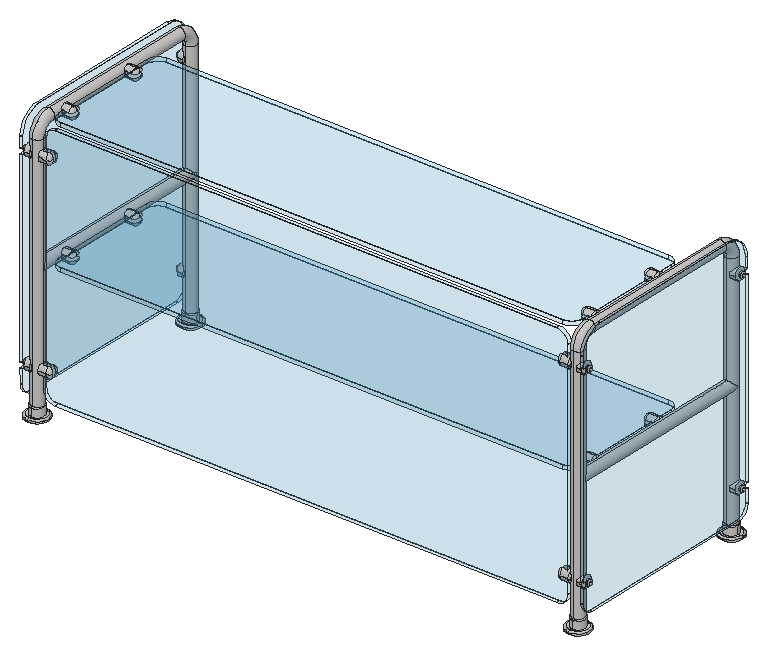
Revit family "QF_ENGLISH_M-101A-2TIER", category Casework, Revit 2018
Family settings
  Work Plane-Based = No
  Always vertical = Yes
  Cut with Voids When Loaded = No
  Shared = No
  Room Calculation Point = No
Parameters
  Weight in Pounds = 0
  URL Cutsheet = ""
  Type Mark [instance] = ""
  Status [instance] = ""
  Specification by User [instance] = ""
  Specification by Manufacturer = ""
  Show Right Glass [instance] = yes
  Show Right Half Support [instance] = no
  Show Left Half Support [instance] = no
  Show Left Glass [instance] = yes
  Serial Number = ""
  Seismic Rating = ""
  SMACNA No = ""
  Right Glass Symbolic [instance] = if(Show Right Glass, not(Show Right Half Support), Show Right Glass)  # yes
  Right Glass [instance] = if(Show Right Glass, not(Show Right Half Support), Show Right Glass)  # yes
  Revision Code [instance] = ""
  R Symbolic [instance] = and(not(Show Right Glass), not(Show Right Half Support))  # no
  Omniclass Number and Title = ""
  NAFEM Spec ID Number = ""
  Model = "M-101A-2TIER"
  Masterspec = ""
  Manufacturer = "ENGLISH MFG. INC."
  RS Symbolic [instance] = not(Show Right Half Support)  # yes
  Length [instance] = 48"
  Left Glass [instance] = if(Show Left Glass, not(Show Left Half Support), Show Left Glass)  # yes
  LS Symbolic [instance] = not(Show Left Half Support)  # yes
  L Symbolic [instance] = and(not(Show Left Glass), not(Show Left Half Support))  # no
  Item Number [instance] = ""
  Installed By [instance] = ""
  Identify Quantity as Lot [instance] = yes
  Glass Thickness [instance] = 3/8"  # constant formula
  Glass Material [instance] = Glass
  Furnished By [instance] = ""
  Foodservice Equipment Identifier [instance] = yes
  Description = "MATRIX SERIES"
  Depth [instance] = 17"
  CSI MasterFormat = ""
  CSI Master Format = ""
  Assembly Code = ""
  Angle [instance] = 0.00°
  A [instance] = if(Angle > 90.00°, 0.00°, Angle)  # 0.00°
Reference planes (in)
  plane 1 "BACK": y = 0
  plane 2: z = 0
  plane 3 "LEFT": x = 0
  plane 4 "RIGHT": x = 48
  plane 5 "FRONT": y = -17
  plane 6 "TOP": z = 24
  plane 7 "Center Y": x = 24
  plane 8 "Center X": y = -8.5
  plane 9: y = -15.51794
Forms (in)
  Extrusion 1, solid, material "Glass" <- "Glass Material"
    sketch origin (51.95778, -16.8125, 14.02579) x (0, 0, -1) y (1, 0, 0)
      loop
        arc (-9.34916, -50.22275) -> (-9.05629, -50.92978) -> (-8.34926, -51.22265) r 0.9999
        line (-8.34926, -51.22265) -> (11.52579, -51.22265)
        arc (11.52579, -51.22265) -> (12.23646, -50.9262) -> (12.52579, -50.21261) r 1.00005
        line (12.52579, -50.21261) -> (12.52579, -5.70219)
        arc (12.52579, -5.70219) -> (12.23646, -4.9886) -> (11.52579, -4.69215) r 1.00005
        line (11.52579, -4.69215) -> (-8.34926, -4.69215)
        arc (-8.34926, -4.69215) -> (-9.05629, -4.98502) -> (-9.34916, -5.69205) r 0.9999
        line (-9.34916, -5.69205) -> (-9.34916, -50.22275)
    from 0 to 0.375 <- "Glass Thickness"
  Extrusion 2, solid, material "Glass" <- "Glass Material"
    sketch origin (0.6276, -16.75, 23.32812) x (1, 0, 0) y (0, 1, 0)
      loop
        line (45.64685, 12) -> (1.09794, 12)
        arc (1.09794, 12) -> (0.39084, 11.70711) -> (0.09794, 11) r 1
        line (0.09794, 11) -> (0.09794, 1.24995)
        arc (0.09794, 1.24995) -> (0.39084, 0.54285) -> (1.09794, 0.24995) r 1
        line (1.09794, 0.24995) -> (45.64685, 0.24995)
        arc (45.64685, 0.24995) -> (46.35395, 0.54285) -> (46.64685, 1.24995) r 1
        line (46.64685, 1.24995) -> (46.64685, 11)
        arc (46.64685, 11) -> (46.35395, 11.70711) -> (45.64685, 12) r 1
    from 0 to 0.375 <- "Glass Thickness"
  Extrusion 3, solid, material "Glass"
    sketch origin (0.6276, -16.75, 23.70312) x (1, 0, 0) y (0, 1, 0)
      loop
        line (45.64685, 12) -> (1.09794, 12)
        arc (1.09794, 12) -> (0.39084, 11.70711) -> (0.09794, 11) r 1
        line (0.09794, 11) -> (0.09794, 1.24995)
        arc (0.09794, 1.24995) -> (0.39084, 0.54285) -> (1.09794, 0.24995) r 1
        line (1.09794, 0.24995) -> (45.64685, 0.24995)
        arc (45.64685, 0.24995) -> (46.35395, 0.54285) -> (46.64685, 1.24995) r 1
        line (46.64685, 1.24995) -> (46.64685, 11)
        arc (46.64685, 11) -> (46.35395, 11.70711) -> (45.64685, 12) r 1
    from -11.875 to -11.5
Lines and regions (in)
  symbolic lines, visible <- "Left Glass"
    curve 1: line (-0.24008, 0.5, 0) -> (-0.75, 0.5, 0)
    curve 2: line (-0.75, -0.5, 0) -> (-0.50001, -0.5, 0)
    curve 3: line (-0.75, 0.5, 0) -> (-0.75, -0.5, 0)
    curve 4: line (-0.24008, 0.43821, 0) -> (-0.24008, 0.5, 0)
    curve 6: line (-0.50001, -16.5, 0) -> (-0.75, -16.5, 0)
    curve 7: line (-0.2405, -17.5, 0) -> (-0.2405, -17.43898, 0)
    curve 8: line (-0.75, -17.5, 0) -> (-0.2405, -17.5, 0)
    curve 32: line (-0.75, -16.5, 0) -> (-0.75, -17.50798, 0)
  symbolic lines
    curve 5: arc (-0.50001, -16.13398, 0) -> (-0.71036, -17.70384, 0) -> (0.86137, -17.50798, 0) r 1
    curve 9: arc (-0.50001, -17.00059, 0) -> (0.00003, -17.50064, 0) -> (0.50008, -17.00059, 0) r 0.50004
    curve 10: line (0.5, -15.98694, 0) -> (0.5, -16.75804, 0)
    curve 11: line (-0.50001, -17.00059, 0) -> (-0.50001, -5, 0)
    curve 19: arc (48.50001, -16.13398, 0) -> (48.71036, -17.70384, 0) -> (47.13863, -17.50798, 0) r 1
    curve 23: arc (48.50001, -17.00059, 0) -> (47.99997, -17.50064, 0) -> (47.49992, -17.00059, 0) r 0.50004
    curve 24: line (47.5, -15.98694, 0) -> (47.5, -16.75804, 0)
    curve 25: line (48.50001, -17.00059, 0) -> (48.50001, -5, 0)
    curve 30: line (47.49992, -5, 0) -> (47.49992, -17.00059, 0)
    curve 33: line (0.50008, -5, 0) -> (0.50008, -17.00059, 0)
  symbolic lines, visible <- "LS Symbolic"
    curve 12: line (0.50008, -0.00041, 0) -> (0.50008, -5, 0)
    curve 13: arc (0.50008, -0.00041, 0) -> (0.00003, 0.49964, 0) -> (-0.50001, -0.00041, 0) r 0.50004
    curve 14: arc (0.50008, -0.86598, 0) -> (-0.00004, 1, 0) -> (-0.50001, -0.86602, 0) r 1
    curve 34: line (-0.50001, -5, 0) -> (-0.50001, -0.00041, 0)
  symbolic lines, visible <- "Right Glass"
    curve 15: line (48.24008, 0.5, 0) -> (48.75, 0.5, 0)
    curve 16: line (48.75, -0.5, 0) -> (48.50001, -0.5, 0)
    curve 17: line (48.75, 0.5, 0) -> (48.75, -0.5, 0)
    curve 18: line (48.24008, 0.43821, 0) -> (48.24008, 0.5, 0)
    curve 20: line (48.50001, -16.5, 0) -> (48.75, -16.5, 0)
    curve 21: line (48.2405, -17.5, 0) -> (48.2405, -17.43898, 0)
    curve 22: line (48.75, -17.5, 0) -> (48.2405, -17.5, 0)
    curve 31: line (48.75, -16.5, 0) -> (48.75, -17.50798, 0)
  symbolic lines, visible <- "RS Symbolic"
    curve 26: line (47.49992, -0.00041, 0) -> (47.49992, -5, 0)
    curve 27: arc (47.49992, -0.00041, 0) -> (47.99997, 0.49964, 0) -> (48.50001, -0.00041, 0) r 0.50004
    curve 28: arc (47.49992, -0.86598, 0) -> (48.00004, 1, 0) -> (48.50001, -0.86602, 0) r 1
    curve 29: line (48.50001, -5, 0) -> (48.50001, -0.00041, 0)
  symbolic lines, style "CaseworkHiddenLines"
    curve 35: line (46.27445, -4.75, 23.70312) -> (1.72555, -4.75, 23.70312)
    curve 36: line (0.72555, -5.75, 23.70312) -> (0.72555, -7, 23.70312)
    curve 37: arc (47.27445, -5.75, 23.70312) -> (46.98156, -5.04289, 23.70312) -> (46.27445, -4.75, 23.70312) r 1
    curve 38: line (47.27445, -15.50005, 23.70312) -> (47.27445, -14.95688, 23.70312)
    curve 39: arc (1.72555, -4.75, 23.70312) -> (1.01844, -5.04289, 23.70312) -> (0.72555, -5.75, 23.70312) r 1
    curve 40: arc (0.72555, -15.50005, 23.70312) -> (1.01844, -16.20715, 23.70312) -> (1.72555, -16.50005, 23.70312) r 1
    curve 41: line (1.72555, -16.50005, 23.70312) -> (46.27445, -16.50005, 23.70312)
    curve 42: arc (46.27445, -16.50005, 23.70312) -> (46.98156, -16.20715, 23.70312) -> (47.27445, -15.50005, 23.70312) r 1
    curve 43: line (47.27445, -14.04312, 23.70312) -> (47.27445, -7.97247, 23.70312)
    curve 44: line (47.27445, -7.04606, 23.70312) -> (47.27445, -5.75, 23.70312)
    curve 45: line (0.72555, -8.00005, 23.70312) -> (0.72555, -14.04312, 23.70312)
    curve 46: line (0.72555, -14.95688, 23.70312) -> (0.72555, -15.50005, 23.70312)
Dimensions and locks (in)
  equal spacing: plane 3 "LEFT", plane 7 "Center Y", plane 4 "RIGHT"
  "Length": plane 3 "LEFT" to plane 4 "RIGHT"
  equal spacing: plane 5 "FRONT", plane 8 "Center X", plane 1 "BACK"
  "Depth": plane 5 "FRONT" to plane 1 "BACK"
  plane 6 "TOP" to level = 24"  (x2)
  plane 3 "LEFT" to Extrusion 1 sketch curve to Extrusion 1 sketch curve to Extrusion 1 sketch curve = 0.73513", 0.9999" locked, 0.00015" locked
  plane 4 "RIGHT" to Extrusion 1 sketch curve to Extrusion 1 sketch curve to Extrusion 1 sketch curve = 47/64", 0.9999" locked, 0.00015" locked
  plane 7 "Center Y" to plane 3 "LEFT" = 24"
  locked: plane 5 "FRONT" to plane 9 at 1.48206
  Extrusion 2 sketch curve to Extrusion 2 sketch curve to plane 3 "LEFT" = 0" locked, 1.72555" locked
  Extrusion 2 sketch curve to Extrusion 2 sketch curve to plane 4 "RIGHT" = 0" locked, 1.72555" locked
  plane 5 "FRONT" to plane 1 "BACK" = 17"
  aligned and locked: level to plane 2
  aligned: plane 1 "BACK" to nested 1  (x5)
  aligned: plane 8 "Center X" to nested 1  (x2)
  aligned: plane 5 "FRONT" to nested 1  (x2)
  aligned and locked: plane 1 "BACK" to nested 1
  aligned and locked: nested 2 to plane 4 "RIGHT"
  aligned and locked: nested 2 to plane 1 "BACK"
  aligned and locked: plane 5 "FRONT" to nested 1
  aligned and locked: nested 2 to plane 5 "FRONT"
  aligned and locked: curve 35 to Extrusion 2
  aligned and locked: curve 38 to Extrusion 2
  aligned and locked: curve 41 to Extrusion 2
Automatic sketch dimensions
  curve 5 to plane 3 "LEFT" = 0"
  curve 19 to plane 4 "RIGHT" = 0"
  plane 1 "BACK" to curve 14 = 0"
  curve 14 to plane 3 "LEFT" = 0"
  curve 1 to plane 3 "LEFT" = 0.24008"
  curve 8 to plane 3 "LEFT" = 0.2405"
  curve 34 to plane 3 "LEFT" = 1/2"
  curve 6 to curve 6 = 1/4"
  curve 3 to curve 2 = 1/4"
  plane 3 "LEFT" to curve 13 = 0.00003"
  plane 5 "FRONT" to curve 30 = 0.00059"
  plane 4 "RIGHT" to curve 30 = 0.50008"
  plane 4 "RIGHT" to curve 23 = 0.00003"
  plane 1 "BACK" to curve 28 = 0"
  curve 28 to plane 4 "RIGHT" = 0"
  curve 15 to plane 4 "RIGHT" = 0.24008"
  curve 22 to plane 4 "RIGHT" = 0.2405"
  curve 16 to curve 17 = 1/4"
  curve 20 to curve 31 = 1/4"
  plane 5 "FRONT" to curve 8 = 1/2"
  curve 21 to curve 21 = 0.06102"
  plane 5 "FRONT" to curve 33 = 0.00059"
  plane 5 "FRONT" to curve 5 = 0"
  plane 5 "FRONT" to curve 19 = 0"
  curve 6 to plane 5 "FRONT" = 1/2"
  curve 31 to plane 5 "FRONT" = 1/2"
  plane 1 "BACK" to curve 2 = 1/2"
  plane 1 "BACK" to curve 17 = 1/2"
  plane 1 "BACK" to curve 29 = 0.00041"
  plane 1 "BACK" to curve 13 = 0.00041"
  curve 3 to plane 1 "BACK" = 1/2"
  curve 17 to plane 1 "BACK" = 1/2"
  plane 3 "LEFT" to curve 10 = 1/2"
  curve 9 to curve 5 = 0.36129"
  curve 19 to curve 23 = 0.36129"
  plane 4 "RIGHT" to curve 24 = 1/2"
  curve 31 to curve 22 = 0.00798"
  curve 32 to curve 8 = 0.00798"
  plane 5 "FRONT" to curve 19 = 0.50798"
  plane 5 "FRONT" to curve 5 = 0.50798"
  curve 24 to plane 5 "FRONT" = 0.24196"
  curve 10 to plane 5 "FRONT" = 0.24196"
  curve 24 to plane 9 = 0.469"
  curve 10 to plane 9 = 0.469"
  curve 28 to curve 16 = 0.36602"
  curve 14 to curve 2 = 0.36602"
  nested 1 to Extrusion 2 sketch curve = 0.09794"
  Extrusion 2 sketch curve to Extrusion 2 sketch curve = 1"
  Extrusion 2 sketch curve to nested 1 = 1.53051"
  Extrusion 2 sketch curve to nested 1 = 8.28047"
  Extrusion 3 sketch curve to Extrusion 2 = 1"  (x3)
  Extrusion 2 to Extrusion 3 sketch curve = 0"
  Extrusion 3 sketch curve to Extrusion 2 = 0"
  nested 1 to Extrusion 1 sketch curve = 18.91144"
  nested 1 to Extrusion 1 sketch curve = 1.03649"  (x2)
  Extrusion 1 sketch curve to Extrusion 1 sketch curve = 1"
  plane 8 "Center X" to curve 34 = 3 1/2"
  curve 11 to curve 33 = 0"
  plane 8 "Center X" to curve 29 = 3 1/2"
  curve 30 to curve 25 = 0"
  curve 46 to Extrusion 2 = 0"
  curve 39 to Extrusion 2 = 0"
  curve 45 to Extrusion 2 = 0"
  curve 43 to Extrusion 2 = 0"
  curve 44 to Extrusion 2 = 0"
  curve 36 to curve 39 = 1"
  curve 40 to Extrusion 2 = 1"
  curve 35 to Extrusion 2 = 1"
  curve 41 to Extrusion 2 = 1"
  curve 38 to curve 38 = 0.54316"
  curve 40 to curve 46 = 0.54316"
  curve 38 to curve 43 = 0.91376"
  curve 46 to curve 45 = 0.91376"
  curve 45 to curve 36 = 2.25004"
  curve 43 to curve 37 = 2.22247"
  curve 43 to curve 44 = 0.92641"
  curve 45 to curve 36 = 1.00004"
  radius of Extrusion 3 sketch curve to Extrusion 2 = 0"
Nested families (in)
  nested 1: "M-101A_SUPPORT" at (0, 0, 0), Show Side Glass <- "Left Glass", Rear Support <- "LS Symbolic", Middle Support <- "Show Left Half Support", type "M-101A_SUPPORT"
    with Void 3/8", Show Side Glass yes, Show Self Service no, Show Full Service yes, Rear Void 1", Rear Support yes, Middle Support no, Glass Thickness 3/8", Glass Material Glass, Depth 17"
  nested 2: "M-101A_SUPPORT" at (48, 0, 0) x (-1, 0, 0) z (0, 0, 1), Show Side Glass <- "Right Glass", Middle Support <- "Show Right Half Support", Rear Support <- "RS Symbolic", type "M-101A_SUPPORT"
    with Void 3/8", Show Side Glass yes, Show Self Service no, Show Full Service yes, Rear Void 1", Rear Support yes, Middle Support no, Glass Thickness 3/8", Glass Material Glass, Depth 17"
Definition of nested family "M-101A_SUPPORT"
  Parameters (values of type "M-101A_SUPPORT")
    Void [instance] = if(Show Self Service, -3/8", 3/8")  # 3/8"
    Show Self Service [instance] = no
    Show Side Glass [instance] = yes
    Show Full Service [instance] = not(Show Self Service)  # yes
    Rear Void [instance] = if(Middle Support, 4", 1")  # 1"
    Rear Support [instance] = yes
    Model = ""
    Middle Support [instance] = no
    Manufacturer = ""
    Glass Thickness [instance] = 3/8"
    Glass Material [instance] = none
    Description = ""
    Depth [instance] = 17"
    Assembly Code = ""
  Reference planes (in)
    plane 1 "BACK": y = 0
    plane 2: z = 0
    plane 3 "LEFT": x = 0
    plane 4 "RIGHT": x = 0
    plane 5 "FRONT": y = -17
    plane 6 "TOP": z = 24
    plane 7 "Center Y": x = 0
    plane 8 "Center X": y = -8.5
    plane 9: y = -14.5
    plane 10: y = -7.50294
    plane 11: y = 1
    plane 12: y = -5
    plane 13: x = -2
  Forms (in)
    Revolve 1, solid, visible <- "Rear Support"
      sketch origin (0, 0, 0) x (-1, 0, 0) y (0, 0, -1)
        loop
          line (0, 0) -> (-1, 0) -> (-1, -0.125)
          arc (-1, -0.125) -> (-0.96328, -0.21339) -> (-0.87489, -0.25) r 0.125
          line (-0.87489, -0.25) -> (-0.5975, -0.25) -> (-0.5975, -0.9375)
          arc (-0.5975, -0.9375) -> (-0.57913, -0.98169) -> (-0.53494, -1) r 0.0625
          line (-0.53494, -1) -> (0, -1) -> (0, 0)
        axis (0, -1) -> (0, 0)
      angle from 0 to 360
    Revolve 2, solid
      sketch origin (0, 0, 0) x (0, -1, 0) y (0, 0, -1)
        loop
          line (17, 0) -> (16, 0) -> (16, -0.125)
          arc (16, -0.125) -> (16.03672, -0.21339) -> (16.12511, -0.25) r 0.125
          line (16.12511, -0.25) -> (16.4025, -0.25) -> (16.4025, -0.9375)
          arc (16.4025, -0.9375) -> (16.42087, -0.98169) -> (16.46506, -1) r 0.0625
          line (16.46506, -1) -> (17, -1) -> (17, 0)
        axis (17, -1) -> (17, 0)
      angle from 0 to 360
    Extrusion 3, solid, material <- "Glass Material", visible <- "Show Side Glass"
      sketch origin (-0.75, 0, 0) x (0, 1, 0) y (0, 0, -1)
        loop
          arc (-16.625, -1.5) -> (-17.33211, -1.79289) -> (-17.625, -2.5) r 1
          line (-17.625, -2.5) -> (-17.625, -3.8125) -> (-17, -3.8125)
          arc (-17, -3.8125) -> (-16.8125, -4) -> (-17, -4.1875) r 0.1875
          line (-17, -4.1875) -> (-17.625, -4.1875) -> (-17.625, -20.8125) -> (-17, -20.8125)
          arc (-17, -20.8125) -> (-16.8125, -21) -> (-17, -21.1875) r 0.1875
          line (-17, -21.1875) -> (-17.625, -21.1875) -> (-17.625, -22.225)
          arc (-17.625, -22.225) -> (-17.0685, -23.5685) -> (-15.725, -24.125) r 1.9
          line (-15.725, -24.125) -> (-1.375, -24.125)
          arc (-1.375, -24.125) -> (0.03921, -23.53921) -> (0.625, -22.125) r 2
          line (0.625, -22.125) -> (0.625, -21.1875) -> (0, -21.1875)
          arc (0, -21.1875) -> (-0.1875, -21) -> (0, -20.8125) r 0.1875
          line (0, -20.8125) -> (0.625, -20.8125) -> (0.625, -4.1875) -> (0, -4.1875)
          arc (0, -4.1875) -> (-0.1875, -4) -> (0, -3.8125) r 0.1875
          line (0, -3.8125) -> (0.625, -3.8125) -> (0.625, -2.5)
          arc (0.625, -2.5) -> (0.33211, -1.79289) -> (-0.375, -1.5) r 1
          line (-0.375, -1.5) -> (-16.625, -1.5)
      from 0 to 0.25
    Sweep 4, solid
      path origin (0, 0, 0) x (0, 1, 0) y (0, 0, 1)
        loop
          line (0, 1) -> (0, 22.25)
          arc (0, 22.25) -> (-0.36612, 23.13388) -> (-1.25, 23.5) r 1.25
          line (-1.25, 23.5) -> (-15.75, 23.5)
          arc (-15.75, 23.5) -> (-16.63388, 23.13388) -> (-17, 22.25) r 1.25
          line (-17, 22.25) -> (-17, 1)
      profile origin (0, 0, 11.625) x (0, -1, 0) y (1, 0, 0)
        loop
          circle (0, 0) r 0.5
    Revolve 5, solid
      sketch origin (0, -7.50294, 22) x (0, 0, -1) y (1, 0, 0)
        loop
          line (-1.5, 0.3291) -> (-1.5, 1.47555) -> (-1.72819, 1.47555)
          arc (-1.72819, 1.47555) -> (-1.92039, 1.39594) -> (-2, 1.20374) r 0.27181
          line (-2, 1.20374) -> (-2, 0.47555) -> (-1.85355, 0.3291) -> (-1.5, 0.3291)
        axis (-1.5, 0.3291) -> (-1.5, 1.47555)
      angle from 0 to 360
    Revolve 6, solid
      sketch origin (0, -14.5, 21) x (0, 0, -1) y (1, 0, 0)
        loop
          line (-2.5, 0.3291) -> (-2.5, 1.47555) -> (-2.72818, 1.47555)
          arc (-2.72818, 1.47555) -> (-2.92039, 1.39594) -> (-3, 1.20374) r 0.27181
          line (-3, 1.20374) -> (-3, 0.47555) -> (-2.85355, 0.3291) -> (-2.5, 0.3291)
        axis (-2.5, 0.3291) -> (-2.5, 1.47555)
      angle from 0 to 360
    Extrusion 7, void
      sketch origin (0, -7.50294, 22) x (0, 0, -1) y (1, 0, 0)
        loop
          line (-1.70313, 0.6276) -> (-1.32813, 0.6276) -> (-1.32813, 1.70245) -> (-1.70313, 1.70245) -> (-1.70313, 0.6276)
      from -2.53419 to 9.49706
    Extrusion 8, void
      sketch origin (-2, -180, 22) x (0, 0, 1) y (0, -1, 0)
        loop
          line (2, -175) -> (-22, -175) -> (-22, -181) -> (2, -181) -> (2, -175)
      from 0 to 1 <- "Rear Void"
    Revolve 9, solid
      sketch origin (0, -7.50294, 10.5) x (0, 0, -1) y (1, 0, 0)
        loop
          line (-1.5, 0.3291) -> (-1.5, 1.47555) -> (-1.72819, 1.47555)
          arc (-1.72819, 1.47555) -> (-1.92039, 1.39594) -> (-2, 1.20374) r 0.27181
          line (-2, 1.20374) -> (-2, 0.47555) -> (-1.85355, 0.3291) -> (-1.5, 0.3291)
        axis (-1.5, 0.3291) -> (-1.5, 1.47555)
      angle from 0 to 360
    Revolve 10, solid
      sketch origin (0, -14.5, 9.5) x (0, 0, -1) y (1, 0, 0)
        loop
          line (-2.5, 0.3291) -> (-2.5, 1.47555) -> (-2.72818, 1.47555)
          arc (-2.72818, 1.47555) -> (-2.92039, 1.39594) -> (-3, 1.20374) r 0.27181
          line (-3, 1.20374) -> (-3, 0.47555) -> (-2.85355, 0.3291) -> (-2.5, 0.3291)
        axis (-2.5, 0.3291) -> (-2.5, 1.47555)
      angle from 0 to 360
    Extrusion 11, void
      sketch origin (0, -7.50294, 10.5) x (0, 0, -1) y (1, 0, 0)
        loop
          line (-1.70313, 0.6276) -> (-1.32813, 0.6276) -> (-1.32813, 1.70245) -> (-1.70313, 1.70245) -> (-1.70313, 0.6276)
      from -2.53419 to 9.49706
    Sweep 12, solid
      path origin (0, 0, -11.5) x (0, 1, 0) y (0, 0, 1)
        loop
          line (-17, 23.5) -> (0, 23.5)
      profile origin (0, -8.5, 12) x (0, 0, 1) y (1, 0, 0)
        loop
          circle (0, 0) r 0.5
  Cuts and joins
    Extrusion 7, Extrusion 11 cuts Revolve 5
    Extrusion 7, Extrusion 11 cuts Revolve 6
    Extrusion 8 cuts Sweep 4
    Extrusion 11 cuts Revolve 9
    Extrusion 11 cuts Revolve 10
  Dimensions and locks (in)
    plane 3 "LEFT" to plane 4 "RIGHT" to plane 7 "Center Y" = 0", 0"
    plane 3 "LEFT" to plane 4 "RIGHT" = 0"
    equal spacing: plane 5 "FRONT", plane 8 "Center X", plane 1 "BACK"
    "Depth": plane 5 "FRONT" to plane 1 "BACK"
    plane 6 "TOP" to level = 24"  (x2)
    locked: Sweep 4 sketch curve to plane 6 "TOP" at 0.5
    plane 5 "FRONT" to plane 9 to plane 10 to plane 12 = 2 1/2" locked, 6.99706" locked, 2.50294" locked
    locked: plane 6 "TOP" to Extrusion 7 sketch curve at 0.29688
    "Glass Thickness": Extrusion 7 sketch curve to Extrusion 7 sketch curve
    plane 1 "BACK" to plane 11 = 1"
    locked: plane 7 "Center Y" to plane 13 at 2
    "Glass Thickness": Extrusion 11 sketch curve to Extrusion 11 sketch curve
    aligned and locked: level to plane 2
    aligned and locked: Sweep 4 sketch curve to plane 5 "FRONT"
    aligned and locked: Sweep 4 sketch curve to plane 1 "BACK"
    aligned and locked: plane 5 "FRONT" to Extrusion 7
    aligned and locked: Extrusion 8 sketch curve to plane 12
    aligned and locked: Extrusion 8 sketch curve to plane 6 "TOP"
    aligned and locked: plane 11 to Extrusion 8 sketch curve
    aligned and locked: level to Extrusion 8 sketch curve
    aligned and locked: nested 3 to plane 5 "FRONT"
    aligned and locked: nested 1 to plane 5 "FRONT"
    aligned and locked: nested 2 to plane 5 "FRONT"
    aligned and locked: nested 6 to plane 1 "BACK"
    aligned and locked: nested 5 to plane 1 "BACK"
    aligned and locked: nested 4 to plane 5 "FRONT"
  Automatic sketch dimensions
    Revolve 1 sketch curve to level = 0"
    Revolve 1 sketch curve to plane 3 "LEFT" = 0"  (x2)
    plane 3 "LEFT" to Revolve 1 sketch curve = 0.53494"
    level to Revolve 1 sketch curve = 1/4"
    plane 3 "LEFT" to Revolve 1 sketch curve = 0.5975"
    Revolve 1 sketch curve to Revolve 1 sketch curve = 0.27739"
    Revolve 1 sketch curve to Revolve 1 sketch curve = 0.12511"
    Revolve 1 sketch curve to Revolve 1 sketch curve = 11/16"
    Revolve 1 sketch curve to Revolve 1 sketch curve = 1/16"
    level to Revolve 1 sketch curve = 1/8"
    Revolve 1 sketch curve to Revolve 1 sketch curve = 0"  (x3)
    Revolve 1 sketch curve to Revolve 1 sketch curve = 1/4"
    Revolve 2 sketch curve to level = 0"
    Revolve 2 sketch curve to plane 5 "FRONT" = 0"  (x2)
    Revolve 2 sketch curve to Revolve 2 sketch curve = 0.53494"
    level to Revolve 2 sketch curve = 1/4"
    Revolve 2 sketch curve to plane 5 "FRONT" = 0.5975"
    Revolve 2 sketch curve to Revolve 2 sketch curve = 0.27739"
    Revolve 2 sketch curve to Revolve 2 sketch curve = 0.12511"
    Revolve 2 sketch curve to Revolve 2 sketch curve = 11/16"
    Revolve 2 sketch curve to Revolve 2 sketch curve = 1/16"
    level to Revolve 2 sketch curve = 1/8"
    Revolve 2 sketch curve to Revolve 2 sketch curve = 0"  (x3)
    Revolve 2 sketch curve to Revolve 2 sketch curve = 1/4"
    plane 9 to Sweep 4 sketch curve = 1 1/4"
    Sweep 4 sketch curve to Sweep 4 sketch curve = 1 1/4"
    level to Sweep 4 sketch curve = 1"  (x2)
    Sweep 4 sketch curve to profile plane = 0"  (x2)
    Revolve 5 sketch curve to plane 6 "TOP" = 0"
    Revolve 5 sketch curve to plane 6 "TOP" = 0.14645"
    Revolve 5 sketch curve to plane 6 "TOP" = 0.27181"
    Revolve 5 sketch curve to Revolve 5 sketch curve = 0.35355"
    plane 3 "LEFT" to Revolve 5 sketch curve = 0.3291"
    Revolve 5 sketch curve to Revolve 5 sketch curve = 0.14645"
    Revolve 5 sketch curve to Revolve 5 sketch curve = 0.72819"
    Revolve 5 sketch curve to Revolve 5 sketch curve = 0"
    Revolve 5 sketch curve to Revolve 5 sketch curve = 0.31238"
    Revolve 5 sketch curve to Revolve 5 sketch curve = 0.2599"
    Revolve 6 sketch curve to plane 6 "TOP" = 0"
    Revolve 6 sketch curve to plane 6 "TOP" = 0.14645"
    Revolve 6 sketch curve to plane 6 "TOP" = 0.27181"
    Revolve 6 sketch curve to Revolve 6 sketch curve = 0.35355"
    plane 3 "LEFT" to Revolve 6 sketch curve = 0.3291"
    Revolve 6 sketch curve to Revolve 6 sketch curve = 0.14645"
    Revolve 6 sketch curve to Revolve 6 sketch curve = 0.72819"
    Revolve 6 sketch curve to Revolve 6 sketch curve = 0"
    Revolve 6 sketch curve to Revolve 6 sketch curve = 0.31238"
    Revolve 6 sketch curve to Revolve 6 sketch curve = 0.2599"
    plane 3 "LEFT" to Revolve 9 sketch curve = 0.47555"
    Revolve 9 sketch curve to plane 6 "TOP" = 11 1/2"
    Revolve 9 sketch curve to Revolve 9 sketch curve = 0.14645"  (x2)
    Revolve 9 sketch curve to Revolve 9 sketch curve = 0.27181"
    Revolve 9 sketch curve to Revolve 9 sketch curve = 0.35355"
    Revolve 9 sketch curve to Revolve 9 sketch curve = 0.72819"
    Revolve 9 sketch curve to Revolve 9 sketch curve = 0"
    Revolve 9 sketch curve to Revolve 9 sketch curve = 0.31238"
    Revolve 9 sketch curve to Revolve 9 sketch curve = 0.2599"
    plane 3 "LEFT" to Revolve 10 sketch curve = 0.47555"
    Revolve 10 sketch curve to plane 6 "TOP" = 11 1/2"
    Revolve 10 sketch curve to Revolve 10 sketch curve = 0.14645"  (x2)
    Revolve 10 sketch curve to Revolve 10 sketch curve = 0.27181"
    Revolve 10 sketch curve to Revolve 10 sketch curve = 0.35355"
    Revolve 10 sketch curve to Revolve 10 sketch curve = 0.72819"
    Revolve 10 sketch curve to Revolve 10 sketch curve = 0"
    Revolve 10 sketch curve to Revolve 10 sketch curve = 0.31238"
    Revolve 10 sketch curve to Revolve 10 sketch curve = 0.2599"
    Sweep 12 sketch curve to profile plane = 0"  (x2)
    level to Sweep 12 sketch curve = 12"
    Sweep 12 sketch curve to plane 5 "FRONT" = 0"
    Sweep 12 sketch curve to plane 1 "BACK" = 0"
    Extrusion 3 sketch curve to plane 5 "FRONT" = 0"  (x2)
    Extrusion 3 sketch curve to plane 1 "BACK" = 0"  (x2)
    plane 5 "FRONT" to Extrusion 3 sketch curve = 5/8"  (x2)
    Extrusion 3 sketch curve to Extrusion 3 sketch curve = 0"  (x2)
    Extrusion 3 sketch curve to plane 5 "FRONT" = 3/8"
    plane 9 to Extrusion 3 sketch curve = 1.225"
    plane 1 "BACK" to Extrusion 3 sketch curve = 1 3/8"
    plane 1 "BACK" to Extrusion 3 sketch curve = 3/8"
    plane 11 to Extrusion 3 sketch curve = 3/8"  (x2)
    plane 6 "TOP" to Extrusion 3 sketch curve = 1/8"
    Extrusion 3 sketch curve to Extrusion 3 sketch curve = 15/16"
    Extrusion 3 sketch curve to Extrusion 3 sketch curve = 1.0375"
    Extrusion 3 sketch curve to Extrusion 3 sketch curve = 3/16"  (x4)
    level to Extrusion 3 sketch curve = 4 3/16"  (x2)
    Extrusion 3 sketch curve to Extrusion 3 sketch curve = 1 5/16"
    plane 3 "LEFT" to Extrusion 7 sketch curve = 0.6276"
    Extrusion 7 sketch curve to Extrusion 7 sketch curve = 1.07485"
    plane 3 "LEFT" to Extrusion 11 sketch curve = 1.70245"
    Extrusion 11 sketch curve to plane 6 "TOP" = 11 51/64"
    plane 3 "LEFT" to Extrusion 11 sketch curve = 0.6276"
    radius of Sweep 4 sketch curve = 1/2"
    radius of Sweep 12 sketch curve = 1/2"
  Nested families (in)
    nested 1: "M-106" at (0.36327, -16.5, 4), type "M-106"
      with Type Mark "", Status "", Specification by User "", Revision Code "", Item Number "", Installed By "", Identify Quantity as Lot yes, H 13 1/4", Glass Thickness 3/8", Furnished By "", Foodservice Equipment Identifier yes, Angle 0.00°
    nested 2: "M-106" at (0.37504, -16.5, 21), type "M-106"
      with Type Mark "", Status "", Specification by User "", Revision Code "", Item Number "", Installed By "", Identify Quantity as Lot yes, H 13 1/4", Glass Thickness 3/8", Furnished By "", Foodservice Equipment Identifier yes, Angle 0.00°
    nested 3: "Glass Clip" at (0, -17, 4) x (-1, 0, 0) z (0, 0, 1), visible <- "Show Side Glass", type "Glass Clip"
    nested 4: "Glass Clip" at (0, -17, 21) x (-1, 0, 0) z (0, 0, 1), visible <- "Show Side Glass", type "Glass Clip"
    nested 5: "Glass Clip" at (0, 0, 4) x (-1, 0, 0) z (0, 0, 1), type "Glass Clip"
    nested 6: "Glass Clip" at (0, 0, 21) x (-1, 0, 0) z (0, 0, 1), visible <- "Show Side Glass", type "Glass Clip"
  Definition of nested family "M-106"
    Parameters (values of type "M-106")
      Weight in Pounds = 0
      URL Cutsheet = ""
      Type Mark [instance] = ""
      Status [instance] = ""
      Specification by User [instance] = ""
      Specification by Manufacturer = ""
      Serial Number = ""
      Seismic Rating = ""
      SMACNA No = ""
      Revision Code [instance] = ""
      Omniclass Number and Title = ""
      NAFEM Spec ID Number = ""
      Masterspec = ""
      Item Number [instance] = ""
      Installed By [instance] = ""
      Identify Quantity as Lot [instance] = yes
      H [instance] = 13 1/4"
      Glass Thickness [instance] = 3/8"
      Furnished By [instance] = ""
      Foodservice Equipment Identifier [instance] = yes
      CSI MasterFormat = ""
      CSI Master Format = ""
      Assembly Code = ""
      Angle [instance] = 0.00°
    Reference planes (in)
      plane 1 "BACK": y = 0
      plane 2: z = 0
      plane 3 "LEFT": x = -0.01953
      plane 4 "RIGHT": x = 1.125
      plane 5 "FRONT": y = -1
      plane 6 "TOP": z = 16.5
      plane 7 "Center Y": x = 0.55273
      plane 8 "Center X": y = -0.5
      plane 9: y = 0
      plane 10: y = -1
      plane 11: x = -0.35356
    Forms (in)
      Extrusion 1, void
        sketch origin (0.55273, -0.5, 0) x (0, 0, 1) y (0, 1, 0)
          loop
            line (1.07736, -0.1875) -> (1.07736, 0.1875) -> (-16.60314, 0.1875) -> (-16.60314, -0.1875) -> (1.07736, -0.1875)
        from -0.57227 to 0.19336
      Revolve 2, solid
        sketch origin (0.55273, -0.5, 0) x (1, 0, 0) y (0, 1, 0)
          loop
            arc (0.27227, -0.5) -> (0.4844, -0.41213) -> (0.57227, -0.2) r 0.3
            line (0.57227, -0.2) -> (0.57227, 0) -> (-0.57227, 0) -> (-0.57227, -0.35547) -> (-0.42773, -0.5) -> (0.27227, -0.5)
          axis (-0.57227, 0) -> (0.57227, 0)
        angle from 0 to 360
    Cuts and joins
      Extrusion 1 cuts Revolve 2
    Lines and regions (in)
      reference lines
        curve 1: line (0.55273, -0.5, 0) -> (0.55273, -0.5, -15.46791)
    Dimensions and locks (in)
      equal spacing: plane 3 "LEFT", plane 7 "Center Y", plane 4 "RIGHT"
      plane 3 "LEFT" to plane 4 "RIGHT" = 1 37/256"  (x2)
      equal spacing: plane 5 "FRONT", plane 8 "Center X", plane 1 "BACK"
      plane 5 "FRONT" to plane 1 "BACK" = 1"
      "Glass Thickness": Extrusion 1 sketch curve to Extrusion 1 sketch curve
      locked: Extrusion 1 sketch curve to curve 1 at 1.13523
      locked: Extrusion 1 sketch curve to curve 1 at 1.07736
      "Angle": angle curve 1 to plane 8 "Center X"
      aligned and locked: level to plane 2
      aligned: Extrusion 1 to level
      aligned and locked: plane 2 to curve 1
    Automatic sketch dimensions
      Revolve 2 sketch curve to plane 3 "LEFT" = 0"  (x2)
      plane 5 "FRONT" to Revolve 2 sketch curve = 0"
      Revolve 2 sketch curve to plane 4 "RIGHT" = 0"
      Revolve 2 sketch curve to plane 5 "FRONT" = 37/256"
      Revolve 2 sketch curve to Revolve 2 sketch curve = 37/256"
      Revolve 2 sketch curve to plane 8 "Center X" = 0.2"
      plane 8 "Center X" to Revolve 2 sketch curve = 0"  (x2)
      Revolve 2 sketch curve to Revolve 2 sketch curve = 0.20247"
      Extrusion 1 sketch curve to curve 1 = 3/16"
      curve 1 to plane 8 "Center X" = 0"
  Definition of nested family "Glass Clip"
    Reference planes (in)
      plane 1 "Center X": y = 0
      plane 2: z = 0
      plane 3 "Center Y": x = 0
    Forms (in)
      Extrusion 1, solid
        sketch origin (0, 0, 0) x (0, 1, 0) y (0, 0, 1)
          loop
            circle (0, 0) r 0.5
        from 0.75 to 0.25
      Extrusion 2, solid
        sketch origin (0, 0, 0) x (0, 1, 0) y (0, 0, 1)
          loop
            circle (0, 0) r 0.1875
        from 1 to 0.75
      Revolve 3, solid
        sketch origin (0, 0, 0) x (1, 0, 0) y (0, 0, 1)
          loop
            line (1.09375, 0) -> (1.09375, -0.09375) -> (1.125, -0.09375)
            arc (1.125, -0.09375) -> (1.16919, -0.07544) -> (1.1875, -0.03125) r 0.0625
            line (1.1875, -0.03125) -> (1.1875, 0) -> (1.09375, 0)
          axis (1.09375, 0) -> (1.1875, 0)
        angle from 0 to 360
      Extrusion 4, solid
        sketch origin (0, 0, 0) x (0, 1, 0) y (0, 0, 1)
          loop
            circle (0, 0) r 0.25
        from 1 to 1.03125
      Extrusion 5, solid
        sketch origin (0, 0, 0) x (0, 1, 0) y (0, 0, 1)
          loop
            line (0, 0.10983) -> (-0.09512, 0.05492) -> (-0.09512, -0.05492) -> (0, -0.10983) -> (0.09512, -0.05492) -> (0.09512, 0.05492) -> (0, 0.10983)
        from 1.03125 to 1.09375
    Lines and regions (in)
      symbolic lines
        curve 1: line (0, 0.02729, 0) -> (0, -0.0422, 0)
    Dimensions and locks (in)
      aligned and locked: level to plane 2
